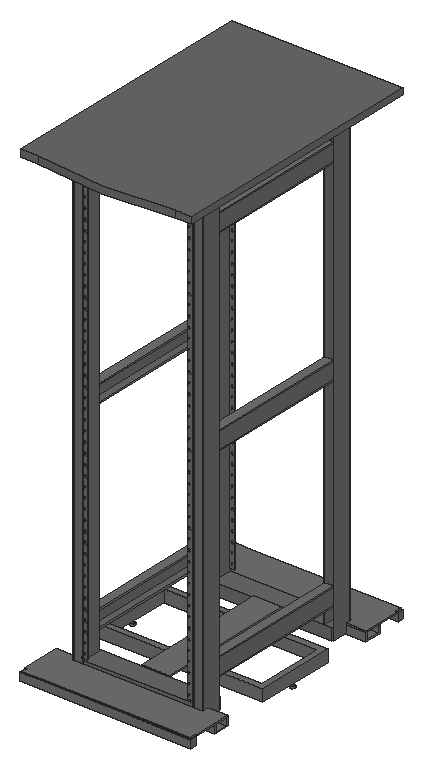
Revit family "VP2A-45U-760x1200mm-14.03.14", category Electrical Equipment, Revit 2013 (continued)
Definition of nested family "VersaPOD-Frame"
  Forms (mm)
    Extrusion 2, solid, material "SIEMON STEEL"
      sketch origin (168.748, 374.529, 88.392) x (-1, 0, 0) y (0, 0, 1)
        loop
          line (-57.148, 7.686) -> (-57.148, 17.204) -> (-66.648, 17.204) -> (-66.648, 7.686) -> (-57.148, 7.686)
        loop
          line (-57.148, 61.607) -> (-66.648, 61.607) -> (-66.648, 52.089) -> (-57.148, 52.089) -> (-57.148, 61.607)
        loop
          line (-57.148, 1873.914) -> (-57.148, 1883.414) -> (-66.648, 1883.414) -> (-66.648, 1873.914) -> (-57.148, 1873.914)
        loop
          line (-57.148, 1927.814) -> (-66.648, 1927.814) -> (-66.648, 1918.314) -> (-57.148, 1918.314) -> (-57.148, 1927.814)
        loop
          line (-57.148, 1962.714) -> (-57.148, 1972.214) -> (-66.648, 1972.214) -> (-66.648, 1962.714) -> (-57.148, 1962.714)
      from -2 to 0
  Lines and regions (mm)
    model lines
      curve 1: circle (289.695, 304.348, 1951.087) r 4.482 normal (-1, 0, 0)
      curve 2: circle (289.695, 354.348, 1951.087) r 4.482 normal (-1, 0, 0)
      curve 3: circle (289.695, 304.348, 1218.587) r 4.482 normal (-1, 0, 0)
      curve 4: circle (289.695, 354.348, 1218.587) r 4.482 normal (-1, 0, 0)
      curve 5: circle (289.695, 304.348, 1063.587) r 4.482 normal (-1, 0, 0)
      curve 6: circle (289.695, 354.348, 1063.587) r 4.482 normal (-1, 0, 0)
      curve 7: circle (289.695, 304.348, 1003.587) r 4.482 normal (-1, 0, 0)
      curve 8: circle (289.695, 354.348, 1003.587) r 4.482 normal (-1, 0, 0)
      curve 9: circle (289.695, 304.348, 378.587) r 4.482 normal (-1, 0, 0)
      curve 10: circle (289.695, 354.348, 378.587) r 4.482 normal (-1, 0, 0)
      curve 11: circle (289.695, 304.348, 223.587) r 4.482 normal (-1, 0, 0)
      curve 12: circle (289.695, 354.348, 223.587) r 4.482 normal (-1, 0, 0)
      curve 13: circle (289.695, 304.348, 163.587) r 4.482 normal (-1, 0, 0)
      curve 14: circle (289.695, 354.348, 163.587) r 4.482 normal (-1, 0, 0)
      curve 15: circle (269.715, 374.531, 2044.69) r 2.5 normal (0, -1, 0)
      curve 16: circle (269.715, 374.531, 2044.748) r 4.501 normal (0, -1, 0)
      curve 17: circle (269.715, 374.531, 135.159) r 2.5 normal (0, -1, 0)
      curve 18: circle (269.715, 374.531, 135.253) r 4.501 normal (0, -1, 0)
      curve 19: circle (269.715, 374.531, 1085.576) r 2.5 normal (0, -1, 0)
      curve 20: circle (269.715, 374.531, 1085.578) r 4.501 normal (0, -1, 0)
      curve 21: circle (269.715, 374.531, 1067.502) r 2.5 normal (0, -1, 0)
      curve 22: circle (269.715, 374.531, 1067.408) r 4.501 normal (0, -1, 0)
  Dimensions and locks
    Extrusion 1 to Extrusion 1 = 2068.431 mm
Definition of nested family "CC"
  Parameters (values of type "CC")
    Default Elevation = 1219.20 mm
  Reference planes
    plane 1 "Center (Front/Back)": y = 0
    plane 2: z = 0
    plane 3 "Center (Left/Right)": x = 0
  Forms (mm)
    Extrusion 1, solid
      sketch origin (0, 0, 0) x (1, 0, 0) y (0, 1, 0)
        loop
          line (-1219.2, 1219.2) -> (-1219.2, -1219.2) -> (1219.2, -1219.2) -> (1219.2, 1219.2) -> (-1219.2, 1219.2)
      from 0 to -304.8
    Extrusion 2, solid, material "SIEMON STEEL"
      sketch origin (-409.928, 114.325, -140.207) x (1, 0, 0) y (0, 0, 1)
        loop
          line (-229.935, 245.568) -> (-229.935, 239.068) -> (409.928, 239.068) -> (409.928, 245.568) -> (-229.935, 245.568)
      from 39.837 to 109.941
    Extrusion 3, solid, material "SIEMON STEEL"
      sketch origin (-304.8, 80.838, 41.706) x (0, 0, 1) y (0, -1, 0)
        loop
          line (63.604, 82.607) -> (24.435, 82.607) -> (24.435, 76.454) -> (63.604, 76.454) -> (63.604, 82.607)
        loop
          line (63.604, 0) -> (63.604, 6.35) -> (24.279, 6.35) -> (24.279, 0) -> (63.604, 0)
      from -335.063 to 304.8
  Lines and regions (mm)
    model lines
      curve 1: circle (-311.741, 39.661, 105.36) r 2.474 normal (0, 0, 1)
      curve 2: circle (-311.741, 39.661, 105.36) r 4.303 normal (0, 0, 1)
      curve 3: circle (-292.691, 39.661, 105.36) r 2.474 normal (0, 0, 1)
      curve 4: circle (-292.691, 39.661, 105.36) r 4.303 normal (0, 0, 1)
      curve 5: line (-625.904, 58.48, 105.36) -> (-603.897, 58.48, 105.36)
      curve 6: line (-625.904, 20.38, 105.36) -> (-625.904, 58.48, 105.36)
      curve 7: line (-603.897, 20.38, 105.36) -> (-625.904, 20.38, 105.36)
      curve 8: line (-603.897, 58.48, 105.36) -> (-603.897, 20.38, 105.36)
      curve 9: line (-620.981, 52.301, 105.36) -> (-608.173, 52.301, 105.36)
      curve 10: line (-607.183, 51.451, 105.36) -> (-607.183, 39.457, 105.36)
      curve 11: line (-621.983, 51.299, 105.36) -> (-621.983, 39.466, 105.36)
      curve 12: line (-619.483, 33.699, 105.36) -> (-619.483, 25.446, 105.36)
      curve 13: line (-618.337, 24.301, 105.36) -> (-610.828, 24.301, 105.36)
      curve 14: line (-609.683, 25.446, 105.36) -> (-609.683, 34.101, 105.36)
      curve 15: arc (-621.983, 51.299, 105.36) -> (-621.689, 52.007, 105.36) -> (-620.981, 52.301, 105.36) r 1.002
      curve 16: arc (-607.183, 51.451, 105.36) -> (-607.52, 52.059, 105.36) -> (-608.173, 52.301, 105.36) r 1.002
      curve 17: arc (-609.683, 25.446, 105.36) -> (-610.018, 24.636, 105.36) -> (-610.828, 24.301, 105.36) r 1.145
      curve 18: arc (-619.483, 25.446, 105.36) -> (-619.147, 24.636, 105.36) -> (-618.337, 24.301, 105.36) r 1.145
      curve 19: arc (-607.183, 39.457, 105.36) -> (-609.027, 37.056, 105.36) -> (-609.683, 34.101, 105.36) r 6.987
      curve 20: arc (-621.983, 39.466, 105.36) -> (-620.047, 36.88, 105.36) -> (-619.483, 33.699, 105.36) r 6.987
      curve 21: line (-593.321, 58.48, 105.36) -> (-571.315, 58.48, 105.36)
      curve 22: line (-593.321, 20.38, 105.36) -> (-593.321, 58.48, 105.36)
      curve 23: line (-571.315, 20.38, 105.36) -> (-593.321, 20.38, 105.36)
      curve 24: line (-571.315, 58.48, 105.36) -> (-571.315, 20.38, 105.36)
      curve 25: line (-588.398, 52.301, 105.36) -> (-575.59, 52.301, 105.36)
      curve 26: line (-574.6, 51.451, 105.36) -> (-574.6, 39.457, 105.36)
      curve 27: line (-589.4, 51.299, 105.36) -> (-589.4, 39.466, 105.36)
      curve 28: line (-586.9, 33.699, 105.36) -> (-586.9, 25.446, 105.36)
      curve 29: line (-585.755, 24.301, 105.36) -> (-578.245, 24.301, 105.36)
      curve 30: line (-577.1, 25.446, 105.36) -> (-577.1, 34.101, 105.36)
      curve 31: arc (-589.4, 51.299, 105.36) -> (-589.107, 52.007, 105.36) -> (-588.398, 52.301, 105.36) r 1.002
      curve 32: arc (-574.6, 51.451, 105.36) -> (-574.938, 52.059, 105.36) -> (-575.59, 52.301, 105.36) r 1.002
      curve 33: arc (-577.1, 25.446, 105.36) -> (-577.436, 24.636, 105.36) -> (-578.245, 24.301, 105.36) r 1.145
      curve 34: arc (-586.9, 25.446, 105.36) -> (-586.565, 24.636, 105.36) -> (-585.755, 24.301, 105.36) r 1.145
      curve 35: arc (-574.6, 39.457, 105.36) -> (-576.444, 37.056, 105.36) -> (-577.1, 34.101, 105.36) r 6.987
      curve 36: arc (-589.4, 39.466, 105.36) -> (-587.465, 36.88, 105.36) -> (-586.9, 33.699, 105.36) r 6.987
      curve 37: line (-560.043, 58.48, 105.36) -> (-538.037, 58.48, 105.36)
      curve 38: line (-560.043, 20.38, 105.36) -> (-560.043, 58.48, 105.36)
      curve 39: line (-538.037, 20.38, 105.36) -> (-560.043, 20.38, 105.36)
      curve 40: line (-538.037, 58.48, 105.36) -> (-538.037, 20.38, 105.36)
      curve 41: line (-555.12, 52.301, 105.36) -> (-542.313, 52.301, 105.36)
      curve 42: line (-541.322, 51.451, 105.36) -> (-541.322, 39.457, 105.36)
      curve 43: line (-556.122, 51.299, 105.36) -> (-556.122, 39.466, 105.36)
      curve 44: line (-553.622, 33.699, 105.36) -> (-553.622, 25.446, 105.36)
      curve 45: line (-552.477, 24.301, 105.36) -> (-544.968, 24.301, 105.36)
      curve 46: line (-543.822, 25.446, 105.36) -> (-543.822, 34.101, 105.36)
      curve 47: arc (-556.122, 51.299, 105.36) -> (-555.829, 52.007, 105.36) -> (-555.12, 52.301, 105.36) r 1.002
      curve 48: arc (-541.322, 51.451, 105.36) -> (-541.66, 52.059, 105.36) -> (-542.313, 52.301, 105.36) r 1.002
      curve 49: arc (-543.822, 25.446, 105.36) -> (-544.158, 24.636, 105.36) -> (-544.968, 24.301, 105.36) r 1.145
      curve 50: arc (-553.622, 25.446, 105.36) -> (-553.287, 24.636, 105.36) -> (-552.477, 24.301, 105.36) r 1.145
      curve 51: arc (-541.322, 39.457, 105.36) -> (-543.166, 37.056, 105.36) -> (-543.822, 34.101, 105.36) r 6.987
      curve 52: arc (-556.122, 39.466, 105.36) -> (-554.187, 36.88, 105.36) -> (-553.622, 33.699, 105.36) r 6.987
      curve 53: line (-527.461, 58.48, 105.36) -> (-505.454, 58.48, 105.36)
      curve 54: line (-527.461, 20.38, 105.36) -> (-527.461, 58.48, 105.36)
      curve 55: line (-505.454, 20.38, 105.36) -> (-527.461, 20.38, 105.36)
      curve 56: line (-505.454, 58.48, 105.36) -> (-505.454, 20.38, 105.36)
      curve 57: line (-522.538, 52.301, 105.36) -> (-509.73, 52.301, 105.36)
      curve 58: line (-508.74, 51.451, 105.36) -> (-508.74, 39.457, 105.36)
      curve 59: line (-523.54, 51.299, 105.36) -> (-523.54, 39.466, 105.36)
      curve 60: line (-521.04, 33.699, 105.36) -> (-521.04, 25.446, 105.36)
      curve 61: line (-519.894, 24.301, 105.36) -> (-512.385, 24.301, 105.36)
      curve 62: line (-511.24, 25.446, 105.36) -> (-511.24, 34.101, 105.36)
      curve 63: arc (-523.54, 51.299, 105.36) -> (-523.246, 52.007, 105.36) -> (-522.538, 52.301, 105.36) r 1.002
      curve 64: arc (-508.74, 51.451, 105.36) -> (-509.077, 52.059, 105.36) -> (-509.73, 52.301, 105.36) r 1.002
      curve 65: arc (-511.24, 25.446, 105.36) -> (-511.575, 24.636, 105.36) -> (-512.385, 24.301, 105.36) r 1.145
      curve 66: arc (-521.04, 25.446, 105.36) -> (-520.704, 24.636, 105.36) -> (-519.894, 24.301, 105.36) r 1.145
      curve 67: arc (-508.74, 39.457, 105.36) -> (-510.584, 37.056, 105.36) -> (-511.24, 34.101, 105.36) r 6.987
      curve 68: arc (-523.54, 39.466, 105.36) -> (-521.605, 36.88, 105.36) -> (-521.04, 33.699, 105.36) r 6.987
      curve 69: line (-494.183, 58.48, 105.36) -> (-472.176, 58.48, 105.36)
      curve 70: line (-494.183, 20.38, 105.36) -> (-494.183, 58.48, 105.36)
      curve 71: line (-472.176, 20.38, 105.36) -> (-494.183, 20.38, 105.36)
      curve 72: line (-472.176, 58.48, 105.36) -> (-472.176, 20.38, 105.36)
      curve 73: line (-489.26, 52.301, 105.36) -> (-476.452, 52.301, 105.36)
      curve 74: line (-475.462, 51.451, 105.36) -> (-475.462, 39.457, 105.36)
      curve 75: line (-490.262, 51.299, 105.36) -> (-490.262, 39.466, 105.36)
      curve 76: line (-487.762, 33.699, 105.36) -> (-487.762, 25.446, 105.36)
      curve 77: line (-486.617, 24.301, 105.36) -> (-479.107, 24.301, 105.36)
      curve 78: line (-477.962, 25.446, 105.36) -> (-477.962, 34.101, 105.36)
      curve 79: arc (-490.262, 51.299, 105.36) -> (-489.968, 52.007, 105.36) -> (-489.26, 52.301, 105.36) r 1.002
      curve 80: arc (-475.462, 51.451, 105.36) -> (-475.8, 52.059, 105.36) -> (-476.452, 52.301, 105.36) r 1.002
      curve 81: arc (-477.962, 25.446, 105.36) -> (-478.297, 24.636, 105.36) -> (-479.107, 24.301, 105.36) r 1.145
      curve 82: arc (-487.762, 25.446, 105.36) -> (-487.426, 24.636, 105.36) -> (-486.617, 24.301, 105.36) r 1.145
      curve 83: arc (-475.462, 39.457, 105.36) -> (-477.306, 37.056, 105.36) -> (-477.962, 34.101, 105.36) r 6.987
      curve 84: arc (-490.262, 39.466, 105.36) -> (-488.327, 36.88, 105.36) -> (-487.762, 33.699, 105.36) r 6.987
      curve 85: line (-461.6, 58.48, 105.36) -> (-439.594, 58.48, 105.36)
      curve 86: line (-461.6, 20.38, 105.36) -> (-461.6, 58.48, 105.36)
      curve 87: line (-439.594, 20.38, 105.36) -> (-461.6, 20.38, 105.36)
      curve 88: line (-439.594, 58.48, 105.36) -> (-439.594, 20.38, 105.36)
      curve 89: line (-456.678, 52.301, 105.36) -> (-443.87, 52.301, 105.36)
      curve 90: line (-442.879, 51.451, 105.36) -> (-442.879, 39.457, 105.36)
      curve 91: line (-457.679, 51.299, 105.36) -> (-457.679, 39.466, 105.36)
      curve 92: line (-455.179, 33.699, 105.36) -> (-455.179, 25.446, 105.36)
      curve 93: line (-454.034, 24.301, 105.36) -> (-446.525, 24.301, 105.36)
      curve 94: line (-445.379, 25.446, 105.36) -> (-445.379, 34.101, 105.36)
      curve 95: arc (-457.679, 51.299, 105.36) -> (-457.386, 52.007, 105.36) -> (-456.678, 52.301, 105.36) r 1.002
      curve 96: arc (-442.879, 51.451, 105.36) -> (-443.217, 52.059, 105.36) -> (-443.87, 52.301, 105.36) r 1.002
      curve 97: arc (-445.379, 25.446, 105.36) -> (-445.715, 24.636, 105.36) -> (-446.525, 24.301, 105.36) r 1.145
      curve 98: arc (-455.179, 25.446, 105.36) -> (-454.844, 24.636, 105.36) -> (-454.034, 24.301, 105.36) r 1.145
      curve 99: arc (-442.879, 39.457, 105.36) -> (-444.724, 37.056, 105.36) -> (-445.379, 34.101, 105.36) r 6.987
      curve 100: arc (-457.679, 39.466, 105.36) -> (-455.744, 36.88, 105.36) -> (-455.179, 33.699, 105.36) r 6.987
      curve 101: line (-428.323, 58.48, 105.36) -> (-406.316, 58.48, 105.36)
      curve 102: line (-428.323, 20.38, 105.36) -> (-428.323, 58.48, 105.36)
      curve 103: line (-406.316, 20.38, 105.36) -> (-428.323, 20.38, 105.36)
      curve 104: line (-406.316, 58.48, 105.36) -> (-406.316, 20.38, 105.36)
      curve 105: line (-423.4, 52.301, 105.36) -> (-410.592, 52.301, 105.36)
      curve 106: line (-409.602, 51.451, 105.36) -> (-409.602, 39.457, 105.36)
      curve 107: line (-424.402, 51.299, 105.36) -> (-424.402, 39.466, 105.36)
      curve 108: line (-421.902, 33.699, 105.36) -> (-421.902, 25.446, 105.36)
      curve 109: line (-420.756, 24.301, 105.36) -> (-413.247, 24.301, 105.36)
      curve 110: line (-412.102, 25.446, 105.36) -> (-412.102, 34.101, 105.36)
      curve 111: arc (-424.402, 51.299, 105.36) -> (-424.108, 52.007, 105.36) -> (-423.4, 52.301, 105.36) r 1.002
      curve 112: arc (-409.602, 51.451, 105.36) -> (-409.939, 52.059, 105.36) -> (-410.592, 52.301, 105.36) r 1.002
      curve 113: arc (-412.102, 25.446, 105.36) -> (-412.437, 24.636, 105.36) -> (-413.247, 24.301, 105.36) r 1.145
      curve 114: arc (-421.902, 25.446, 105.36) -> (-421.566, 24.636, 105.36) -> (-420.756, 24.301, 105.36) r 1.145
      curve 115: arc (-409.602, 39.457, 105.36) -> (-411.446, 37.056, 105.36) -> (-412.102, 34.101, 105.36) r 6.987
      curve 116: arc (-424.402, 39.466, 105.36) -> (-422.466, 36.88, 105.36) -> (-421.902, 33.699, 105.36) r 6.987
      curve 117: line (-395.74, 58.48, 105.36) -> (-373.733, 58.48, 105.36)
      curve 118: line (-395.74, 20.38, 105.36) -> (-395.74, 58.48, 105.36)
      curve 119: line (-373.733, 20.38, 105.36) -> (-395.74, 20.38, 105.36)
      curve 120: line (-373.733, 58.48, 105.36) -> (-373.733, 20.38, 105.36)
      curve 121: line (-390.817, 52.301, 105.36) -> (-378.009, 52.301, 105.36)
      curve 122: line (-377.019, 51.451, 105.36) -> (-377.019, 39.457, 105.36)
      curve 123: line (-391.819, 51.299, 105.36) -> (-391.819, 39.466, 105.36)
      curve 124: line (-389.319, 33.699, 105.36) -> (-389.319, 25.446, 105.36)
      curve 125: line (-388.174, 24.301, 105.36) -> (-380.664, 24.301, 105.36)
      curve 126: line (-379.519, 25.446, 105.36) -> (-379.519, 34.101, 105.36)
      curve 127: arc (-391.819, 51.299, 105.36) -> (-391.526, 52.007, 105.36) -> (-390.817, 52.301, 105.36) r 1.002
      curve 128: arc (-377.019, 51.451, 105.36) -> (-377.357, 52.059, 105.36) -> (-378.009, 52.301, 105.36) r 1.002
      curve 129: arc (-379.519, 25.446, 105.36) -> (-379.854, 24.636, 105.36) -> (-380.664, 24.301, 105.36) r 1.145
      curve 130: arc (-389.319, 25.446, 105.36) -> (-388.984, 24.636, 105.36) -> (-388.174, 24.301, 105.36) r 1.145
      curve 131: arc (-377.019, 39.457, 105.36) -> (-378.863, 37.056, 105.36) -> (-379.519, 34.101, 105.36) r 6.987
      curve 132: arc (-391.819, 39.466, 105.36) -> (-389.884, 36.88, 105.36) -> (-389.319, 33.699, 105.36) r 6.987
      curve 133: line (-234.693, 58.48, 105.36) -> (-212.687, 58.48, 105.36)
      curve 134: line (-234.693, 20.38, 105.36) -> (-234.693, 58.48, 105.36)
      curve 135: line (-212.687, 20.38, 105.36) -> (-234.693, 20.38, 105.36)
      curve 136: line (-212.687, 58.48, 105.36) -> (-212.687, 20.38, 105.36)
      curve 137: line (-229.77, 52.301, 105.36) -> (-216.963, 52.301, 105.36)
      curve 138: line (-215.972, 51.451, 105.36) -> (-215.972, 39.457, 105.36)
      curve 139: line (-230.772, 51.299, 105.36) -> (-230.772, 39.466, 105.36)
      curve 140: line (-228.272, 33.699, 105.36) -> (-228.272, 25.446, 105.36)
      curve 141: line (-227.127, 24.301, 105.36) -> (-219.618, 24.301, 105.36)
      curve 142: line (-218.472, 25.446, 105.36) -> (-218.472, 34.101, 105.36)
      curve 143: arc (-230.772, 51.299, 105.36) -> (-230.479, 52.007, 105.36) -> (-229.77, 52.301, 105.36) r 1.002
      curve 144: arc (-215.972, 51.451, 105.36) -> (-216.31, 52.059, 105.36) -> (-216.963, 52.301, 105.36) r 1.002
      curve 145: arc (-218.472, 25.446, 105.36) -> (-218.808, 24.636, 105.36) -> (-219.618, 24.301, 105.36) r 1.145
      curve 146: arc (-228.272, 25.446, 105.36) -> (-227.937, 24.636, 105.36) -> (-227.127, 24.301, 105.36) r 1.145
      curve 147: arc (-215.972, 39.457, 105.36) -> (-217.816, 37.056, 105.36) -> (-218.472, 34.101, 105.36) r 6.987
      curve 148: arc (-230.772, 39.466, 105.36) -> (-228.837, 36.88, 105.36) -> (-228.272, 33.699, 105.36) r 6.987
      curve 149: line (-202.111, 58.48, 105.36) -> (-180.104, 58.48, 105.36)
      curve 150: line (-202.111, 20.38, 105.36) -> (-202.111, 58.48, 105.36)
      curve 151: line (-180.104, 20.38, 105.36) -> (-202.111, 20.38, 105.36)
      curve 152: line (-180.104, 58.48, 105.36) -> (-180.104, 20.38, 105.36)
      curve 153: line (-197.188, 52.301, 105.36) -> (-184.38, 52.301, 105.36)
      curve 154: line (-183.39, 51.451, 105.36) -> (-183.39, 39.457, 105.36)
      curve 155: line (-198.19, 51.299, 105.36) -> (-198.19, 39.466, 105.36)
      curve 156: line (-195.69, 33.699, 105.36) -> (-195.69, 25.446, 105.36)
      curve 157: line (-194.544, 24.301, 105.36) -> (-187.035, 24.301, 105.36)
      curve 158: line (-185.89, 25.446, 105.36) -> (-185.89, 34.101, 105.36)
      curve 159: arc (-198.19, 51.299, 105.36) -> (-197.896, 52.007, 105.36) -> (-197.188, 52.301, 105.36) r 1.002
      curve 160: arc (-183.39, 51.451, 105.36) -> (-183.727, 52.059, 105.36) -> (-184.38, 52.301, 105.36) r 1.002
      curve 161: arc (-185.89, 25.446, 105.36) -> (-186.225, 24.636, 105.36) -> (-187.035, 24.301, 105.36) r 1.145
      curve 162: arc (-195.69, 25.446, 105.36) -> (-195.354, 24.636, 105.36) -> (-194.544, 24.301, 105.36) r 1.145
      curve 163: arc (-183.39, 39.457, 105.36) -> (-185.234, 37.056, 105.36) -> (-185.89, 34.101, 105.36) r 6.987
      curve 164: arc (-198.19, 39.466, 105.36) -> (-196.255, 36.88, 105.36) -> (-195.69, 33.699, 105.36) r 6.987
      curve 165: line (-168.833, 58.48, 105.36) -> (-146.826, 58.48, 105.36)
      curve 166: line (-168.833, 20.38, 105.36) -> (-168.833, 58.48, 105.36)
      curve 167: line (-146.826, 20.38, 105.36) -> (-168.833, 20.38, 105.36)
      curve 168: line (-146.826, 58.48, 105.36) -> (-146.826, 20.38, 105.36)
      curve 169: line (-163.91, 52.301, 105.36) -> (-151.102, 52.301, 105.36)
      curve 170: line (-150.112, 51.451, 105.36) -> (-150.112, 39.457, 105.36)
      curve 171: line (-164.912, 51.299, 105.36) -> (-164.912, 39.466, 105.36)
      curve 172: line (-162.412, 33.699, 105.36) -> (-162.412, 25.446, 105.36)
      curve 173: line (-161.267, 24.301, 105.36) -> (-153.757, 24.301, 105.36)
      curve 174: line (-152.612, 25.446, 105.36) -> (-152.612, 34.101, 105.36)
      curve 175: arc (-164.912, 51.299, 105.36) -> (-164.618, 52.007, 105.36) -> (-163.91, 52.301, 105.36) r 1.002
      curve 176: arc (-150.112, 51.451, 105.36) -> (-150.45, 52.059, 105.36) -> (-151.102, 52.301, 105.36) r 1.002
      curve 177: arc (-152.612, 25.446, 105.36) -> (-152.947, 24.636, 105.36) -> (-153.757, 24.301, 105.36) r 1.145
      curve 178: arc (-162.412, 25.446, 105.36) -> (-162.076, 24.636, 105.36) -> (-161.267, 24.301, 105.36) r 1.145
      curve 179: arc (-150.112, 39.457, 105.36) -> (-151.956, 37.056, 105.36) -> (-152.612, 34.101, 105.36) r 6.987
      curve 180: arc (-164.912, 39.466, 105.36) -> (-162.977, 36.88, 105.36) -> (-162.412, 33.699, 105.36) r 6.987
      curve 181: line (-136.25, 58.48, 105.36) -> (-114.244, 58.48, 105.36)
      curve 182: line (-136.25, 20.38, 105.36) -> (-136.25, 58.48, 105.36)
      curve 183: line (-114.244, 20.38, 105.36) -> (-136.25, 20.38, 105.36)
      curve 184: line (-114.244, 58.48, 105.36) -> (-114.244, 20.38, 105.36)
      curve 185: line (-131.328, 52.301, 105.36) -> (-118.52, 52.301, 105.36)
      curve 186: line (-117.529, 51.451, 105.36) -> (-117.529, 39.457, 105.36)
      curve 187: line (-132.329, 51.299, 105.36) -> (-132.329, 39.466, 105.36)
      curve 188: line (-129.829, 33.699, 105.36) -> (-129.829, 25.446, 105.36)
      curve 189: line (-128.684, 24.301, 105.36) -> (-121.175, 24.301, 105.36)
      curve 190: line (-120.029, 25.446, 105.36) -> (-120.029, 34.101, 105.36)
      curve 191: arc (-132.329, 51.299, 105.36) -> (-132.036, 52.007, 105.36) -> (-131.328, 52.301, 105.36) r 1.002
      curve 192: arc (-117.529, 51.451, 105.36) -> (-117.867, 52.059, 105.36) -> (-118.52, 52.301, 105.36) r 1.002
      curve 193: arc (-120.029, 25.446, 105.36) -> (-120.365, 24.636, 105.36) -> (-121.175, 24.301, 105.36) r 1.145
      curve 194: arc (-129.829, 25.446, 105.36) -> (-129.494, 24.636, 105.36) -> (-128.684, 24.301, 105.36) r 1.145
      curve 195: arc (-117.529, 39.457, 105.36) -> (-119.374, 37.056, 105.36) -> (-120.029, 34.101, 105.36) r 6.987
      curve 196: arc (-132.329, 39.466, 105.36) -> (-130.394, 36.88, 105.36) -> (-129.829, 33.699, 105.36) r 6.987
      curve 197: line (-102.973, 58.48, 105.36) -> (-80.966, 58.48, 105.36)
      curve 198: line (-102.973, 20.38, 105.36) -> (-102.973, 58.48, 105.36)
      curve 199: line (-80.966, 20.38, 105.36) -> (-102.973, 20.38, 105.36)
      curve 200: line (-80.966, 58.48, 105.36) -> (-80.966, 20.38, 105.36)
      curve 201: line (-98.05, 52.301, 105.36) -> (-85.242, 52.301, 105.36)
      curve 202: line (-84.252, 51.451, 105.36) -> (-84.252, 39.457, 105.36)
      curve 203: line (-99.052, 51.299, 105.36) -> (-99.052, 39.466, 105.36)
      curve 204: line (-96.552, 33.699, 105.36) -> (-96.552, 25.446, 105.36)
      curve 205: line (-95.406, 24.301, 105.36) -> (-87.897, 24.301, 105.36)
      curve 206: line (-86.752, 25.446, 105.36) -> (-86.752, 34.101, 105.36)
      curve 207: arc (-99.052, 51.299, 105.36) -> (-98.758, 52.007, 105.36) -> (-98.05, 52.301, 105.36) r 1.002
      curve 208: arc (-84.252, 51.451, 105.36) -> (-84.589, 52.059, 105.36) -> (-85.242, 52.301, 105.36) r 1.002
      curve 209: arc (-86.752, 25.446, 105.36) -> (-87.087, 24.636, 105.36) -> (-87.897, 24.301, 105.36) r 1.145
      curve 210: arc (-96.552, 25.446, 105.36) -> (-96.216, 24.636, 105.36) -> (-95.406, 24.301, 105.36) r 1.145
      curve 211: arc (-84.252, 39.457, 105.36) -> (-86.096, 37.056, 105.36) -> (-86.752, 34.101, 105.36) r 6.987
      curve 212: arc (-99.052, 39.466, 105.36) -> (-97.116, 36.88, 105.36) -> (-96.552, 33.699, 105.36) r 6.987
      curve 213: line (-70.39, 58.48, 105.36) -> (-48.383, 58.48, 105.36)
      curve 214: line (-70.39, 20.38, 105.36) -> (-70.39, 58.48, 105.36)
      curve 215: line (-48.383, 20.38, 105.36) -> (-70.39, 20.38, 105.36)
      curve 216: line (-48.383, 58.48, 105.36) -> (-48.383, 20.38, 105.36)
      curve 217: line (-65.467, 52.301, 105.36) -> (-52.659, 52.301, 105.36)
      curve 218: line (-51.669, 51.451, 105.36) -> (-51.669, 39.457, 105.36)
      curve 219: line (-66.469, 51.299, 105.36) -> (-66.469, 39.466, 105.36)
      curve 220: line (-63.969, 33.699, 105.36) -> (-63.969, 25.446, 105.36)
      curve 221: line (-62.824, 24.301, 105.36) -> (-55.314, 24.301, 105.36)
      curve 222: line (-54.169, 25.446, 105.36) -> (-54.169, 34.101, 105.36)
      curve 223: arc (-66.469, 51.299, 105.36) -> (-66.176, 52.007, 105.36) -> (-65.467, 52.301, 105.36) r 1.002
      curve 224: arc (-51.669, 51.451, 105.36) -> (-52.007, 52.059, 105.36) -> (-52.659, 52.301, 105.36) r 1.002
      curve 225: arc (-54.169, 25.446, 105.36) -> (-54.505, 24.636, 105.36) -> (-55.314, 24.301, 105.36) r 1.145
      curve 226: arc (-63.969, 25.446, 105.36) -> (-63.634, 24.636, 105.36) -> (-62.824, 24.301, 105.36) r 1.145
      curve 227: arc (-51.669, 39.457, 105.36) -> (-53.513, 37.056, 105.36) -> (-54.169, 34.101, 105.36) r 6.987
      curve 228: arc (-66.469, 39.466, 105.36) -> (-64.534, 36.88, 105.36) -> (-63.969, 33.699, 105.36) r 6.987
      curve 229: line (-37.112, 58.48, 105.36) -> (-15.106, 58.48, 105.36)
      curve 230: line (-37.112, 20.38, 105.36) -> (-37.112, 58.48, 105.36)
      curve 231: line (-15.106, 20.38, 105.36) -> (-37.112, 20.38, 105.36)
      curve 232: line (-15.106, 58.48, 105.36) -> (-15.106, 20.38, 105.36)
      curve 233: line (-32.189, 52.301, 105.36) -> (-19.382, 52.301, 105.36)
      curve 234: line (-18.391, 51.451, 105.36) -> (-18.391, 39.457, 105.36)
      curve 235: line (-33.191, 51.299, 105.36) -> (-33.191, 39.466, 105.36)
      curve 236: line (-30.691, 33.699, 105.36) -> (-30.691, 25.446, 105.36)
      curve 237: line (-29.546, 24.301, 105.36) -> (-22.036, 24.301, 105.36)
      curve 238: line (-20.891, 25.446, 105.36) -> (-20.891, 34.101, 105.36)
      curve 239: arc (-33.191, 51.299, 105.36) -> (-32.898, 52.007, 105.36) -> (-32.189, 52.301, 105.36) r 1.002
      curve 240: arc (-18.391, 51.451, 105.36) -> (-18.729, 52.059, 105.36) -> (-19.382, 52.301, 105.36) r 1.002
      curve 241: arc (-20.891, 25.446, 105.36) -> (-21.227, 24.636, 105.36) -> (-22.036, 24.301, 105.36) r 1.145
      curve 242: arc (-30.691, 25.446, 105.36) -> (-30.356, 24.636, 105.36) -> (-29.546, 24.301, 105.36) r 1.145
      curve 243: arc (-18.391, 39.457, 105.36) -> (-20.235, 37.056, 105.36) -> (-20.891, 34.101, 105.36) r 6.987
      curve 244: arc (-33.191, 39.466, 105.36) -> (-31.256, 36.88, 105.36) -> (-30.691, 33.699, 105.36) r 6.987
  Dimensions and locks
    aligned and locked: plane 2 to Extrusion 1
    aligned and locked: level to Extrusion 1
